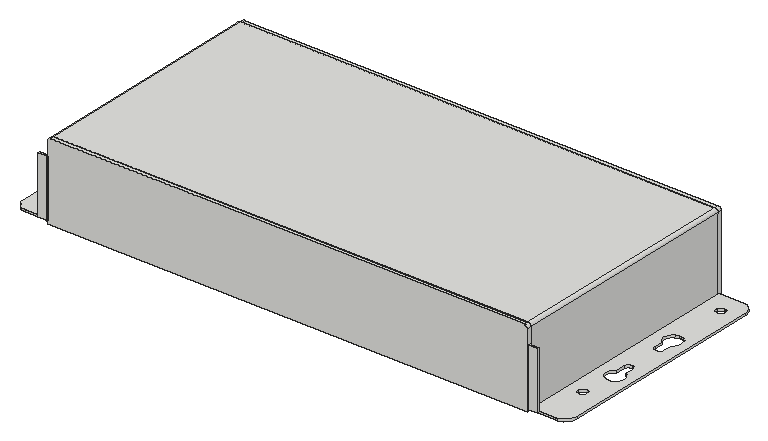
Revit family "Electronics_Expansion-Inputs_Biamp_Vocia_Paging-Station-Kit_PSKIT-1___", category Communication Devices, host Face, Revit 2020
Family settings
  Host = Face
  Maintain Annotation Orientation = No
  Round Connector Dimension = Use Diameter
  Part Type = Normal
  OmniClass Number = 23.85.10.11.14
  OmniClass Title = Audio Equipment
  Cut with Voids When Loaded = No
  Shared = No
  Room Calculation Point = No
Parameters (values of type "PSKIT-1")
  Width = 0' - 5 15/64"  # constant formula
  Weight = 2.30 lbf
  Voltage = 0 V
  URL = "https://www.biamp.com"
  Temperature Range = "32 - 113° F (0 – 45° C)"  # constant formula
  THD+N = "20Hz ~ 8kHz: <0.05%"  # constant formula
  System Headroom = "18dB"  # constant formula
  Sample Rate = "48kHz"  # constant formula
  Reference Output = "12V DC 100mA"  # constant formula
  RS-232 Stop Bits = "1"  # constant formula
  RS-232 Parity = "None"  # constant formula
  RS-232 Flow Control = "None"  # constant formula
  RS-232 Data Bits = "8"  # constant formula
  RS-232 Baud = "57600 bps"  # constant formula
  Product data url = "https://www.bimobject.com/biamp/product/vocia-pskit-1_expansion-input"
  Product Page URL = "https://www.biamp.com/products/product-families/vocia/vocia-expansion-inputs#vocia-pskit-1"
  Product Documentation Link = "https://downloads.biamp.com/assets/docs/default-source/data-sheets/biamp_data_sheet_vocia_pskit-1_oct18.pdf"
  Power Factor = 1
  Number of Poles = 1
  Nominal Input Level = "-50dBu"  # constant formula
  Network Connection = "RJ45 with shielded Ethernet (CAT5, CAT5e, CAT6, or CAT7)"  # constant formula
  Model = "Vocia PSKIT-1"  # constant formula
  Max Power Consumption = 0 W
  Manufacturer = "Biamp"  # constant formula
  Humidity = "0-95% relative humidity (non-condensing)"  # constant formula
  Housing Material = Biamp - Metal - Silver
  Height = 0' - 1 157/256"  # constant formula
  General Purpose Outputs Quantity = "3"  # constant formula
  General Purpose Outputs Max External Supply = "40V"  # constant formula
  General Purpose Outputs Max Continuous Current = "200mA"  # constant formula
  General Purpose Inputs Type = "Contact Closure / TTL"  # constant formula
  General Purpose Inputs TTL Logic Low = "0 – 0.8V"  # constant formula
  General Purpose Inputs TTL Logic High = "2-5V"  # constant formula
  General Purpose Inputs Quantity = "12"  # constant formula
  Gain = "Adjustable in 1dB steps over a 30dB range"  # constant formula
  Frequency Response = "100Hz ~ 20kHz: +0, -1dB"  # constant formula
  Effective Input Headroom = "30dB"  # constant formula
  Description = "Vocia® PSKIT-1 Paging Station Kit"  # constant formula
  Depth = 0' - 11 137/256"  # constant formula
  Default Elevation = 4' - 0"
  Connector Description = "PoE 802.3af Type 1 Class 2"  # constant formula
  Compliance = "FCC Part 15B (USA) CE marked (Europe) RCM (Australia) EAC (Eurasian Customs Union) RoHS Directive (Europe)"  # constant formula
  Assembly Code = ""
  Apparent Load = Max Power Consumption / Power Factor  # 0 VA
  Altitude = "0-10,000 ft (0-3000m) MSL"  # constant formula
  A/D Converters = "24-bit"  # constant formula
Reference planes (in)
  plane 1 "Center (Front/Back)": y = 0
  plane 2: z = 0
  plane 3 "Center (Left/Right)": x = 0
  plane 4: x = -5.76758
  plane 5: x = 5.76758
  plane 6: y = 2.61719
  plane 7: y = -2.61719
  plane 8: x = -4.99926
  plane 9: x = 4.99926
  plane 10 "1": y = 2.41016
  plane 11: y = 2.33142
  plane 12: y = -2.53845
  plane 13: z = 1.61328
  plane 14: z = 0
  plane 15: z = 0.03937
  plane 16: z = 1.61417
  plane 17: z = 1.33569
  plane 18: z = 0.79569
  plane 19: z = 0.69067
  plane 20: x = -4.99926
  plane 21: x = 4.99926
  plane 22 "3": y = 2.41108
  plane 23: x = 0.62418
  plane 24: x = -0.42582
  plane 25: x = -0.57582
  plane 26: x = -1.62582
  plane 27: x = -1.77582
  plane 28: x = -2.82582
  plane 29: x = -2.97582
  plane 30: x = -3.42582
  plane 31: x = -3.57581
  plane 32: x = -4.22584
  plane 33: x = -3.17582
  plane 34: x = 0.95918
  plane 35: x = 1.63918
  plane 36: x = 2.92418
  plane 37: x = 3.37418
  plane 38 "2": y = 2.61811
  plane 39 "4": y = 2.33234
  plane 40: y = 2.33234
  plane 41: y = -2.53937
  plane 42: z = 1.1811
Forms (in)
  Extrusion 1, solid, material "Biamp - Metal - Silver" <- "Housing Material", detail levels fine
    sketch origin (0, 2.41016, 0) x (1, 0, 0) y (0, 0, 1)
      loop
        arc (-4.91629, 1.61328) -> (-4.97496, 1.58898) -> (-4.99926, 1.53031) r 0.08297
        line (-4.99926, 1.53031) -> (-4.99926, 0) -> (4.99926, 0) -> (4.99926, 1.54635)
        arc (4.99926, 1.54635) -> (4.97966, 1.59368) -> (4.93233, 1.61328) r 0.06693
        line (4.93233, 1.61328) -> (-4.91629, 1.61328)
    from 0 to 0.07874
  Extrusion 2, solid, material "Biamp - Metal - Silver", detail levels fine
    sketch origin (-4.47042, 0, -0.00461) x (1, 0, 0) y (0, 0, 1)
      loop
        line (1.84546, 0.56689) -> (1.88046, 0.38087)
        arc (1.88046, 0.38087) -> (1.92592, 0.30368) -> (2.01018, 0.27329) r 0.13199
        line (2.01018, 0.27329) -> (2.46518, 0.27329)
        arc (2.46518, 0.27329) -> (2.54945, 0.30368) -> (2.5949, 0.38087) r 0.13199
        line (2.5949, 0.38087) -> (2.6299, 0.56689)
        arc (2.6299, 0.56689) -> (2.60178, 0.67556) -> (2.50018, 0.72329) r 0.132
        line (2.50018, 0.72329) -> (1.97518, 0.72329)
        arc (1.97518, 0.72329) -> (1.87358, 0.67556) -> (1.84546, 0.56689) r 0.132
    from -2.61719 to -2.41016
  Extrusion 3, void, detail levels fine
    sketch origin (0, 2.41108, 0) x (-1, 0, 0) y (0, 0, 1)
      loop
        line (-2.92418, 0.69067) -> (-3.37418, 0.69067) -> (-3.37418, 0.24068) -> (-2.92418, 0.24068) -> (-2.92418, 0.69067)
      loop
        line (-1.63918, 0.79569) -> (-1.63918, 0.24068) -> (-0.95918, 0.24068) -> (-0.95918, 0.79569) -> (-1.63918, 0.79569)
      loop
        line (-0.62418, 1.33569) -> (-0.62418, 0.88569) -> (0.42582, 0.88569) -> (0.42582, 1.33569) -> (-0.62418, 1.33569)
      loop
        line (1.62582, 1.33569) -> (0.57582, 1.33569) -> (0.57582, 0.88569) -> (1.62582, 0.88569) -> (1.62582, 1.33569)
      loop
        line (1.77582, 0.88569) -> (2.82582, 0.88569) -> (2.82582, 1.33569) -> (1.77582, 1.33569) -> (1.77582, 0.88569)
      loop
        line (3.42582, 0.88569) -> (3.42582, 1.33569) -> (2.97582, 1.33569) -> (2.97582, 0.88569) -> (3.42582, 0.88569)
      loop
        line (4.22584, 0.88569) -> (4.22584, 1.33569) -> (3.57581, 1.33569) -> (3.57581, 0.88569) -> (4.22584, 0.88569)
      loop
        line (4.22584, 0.24068) -> (4.22584, 0.73004) -> (3.17582, 0.73004) -> (3.17582, 0.24068) -> (4.22584, 0.24068)
      loop
        circle (0.89973, 0.44223) r 0.21654
      loop
        circle (0.39947, 0.44316) r 0.21654
      loop
        circle (-3.94925, 0.48986) r 0.16369
    from 0 to -0.07874
  Extrusion 4, solid, material "Biamp - Metal - Silver" <- "Housing Material", detail levels fine
    sketch origin (0, 0, 0) x (1, 0, 0) y (0, 1, 0)
      loop
        line (-5.03126, -2.58119) -> (-5.20326, -2.58119) -> (-5.20326, -2.61719) -> (-5.03126, -2.61719)
        arc (-5.03126, -2.61719) -> (-5.01477, -2.61516) -> (-4.99926, -2.60919) r 0.06799
        line (-4.99926, -2.60919) -> (-4.99926, -2.54978)
        arc (-4.99926, -2.54978) -> (-5.00884, -2.57203) -> (-5.03126, -2.58119) r 0.03201
    from 0.05418 to 1.25417
  Extrusion 5, solid, material "Biamp - Metal - Silver" <- "Housing Material", detail levels fine
    sketch origin (-0.00154, 0, 0) x (1, 0, 0) y (0, 1, 0)
      loop
        line (5.20473, -2.58119) -> (5.03273, -2.58119)
        arc (5.03273, -2.58119) -> (5.01014, -2.57185) -> (5.00074, -2.54928) r 0.032
        line (5.00074, -2.54928) -> (5.00074, -2.60921)
        arc (5.00074, -2.60921) -> (5.01625, -2.61516) -> (5.03273, -2.61719) r 0.06815
        line (5.03273, -2.61719) -> (5.20473, -2.61719) -> (5.20473, -2.58119)
    from 0.05418 to 1.25417
  Extrusion 6, solid, material "Biamp - Metal - Silver" <- "Housing Material", detail levels fine
    sketch origin (0, 0, 0) x (1, 0, 0) y (0, 0, 1)
      loop
        line (4.99926, 0) -> (4.99926, 1.54635)
        arc (4.99926, 1.54635) -> (4.97966, 1.59368) -> (4.93233, 1.61328) r 0.06693
        line (4.93233, 1.61328) -> (-4.93311, 1.61328)
        arc (-4.93311, 1.61328) -> (-4.97989, 1.5939) -> (-4.99926, 1.54713) r 0.06616
        line (-4.99926, 1.54713) -> (-4.99926, 0) -> (4.99926, 0)
    from -2.33142 to 2.53845
  Extrusion 7, solid, material "Biamp - Metal - Silver" <- "Housing Material", detail levels fine
    sketch origin (0, 0, 0) x (1, 0, 0) y (0, 0, 1)
      loop
        line (-4.99926, 1.54713) -> (-4.99926, 0) -> (4.99926, 0) -> (4.99926, 1.54635)
        arc (4.99926, 1.54635) -> (4.97966, 1.59368) -> (4.93233, 1.61328) r 0.06693
        line (4.93233, 1.61328) -> (-4.93311, 1.61328)
        arc (-4.93311, 1.61328) -> (-4.97989, 1.5939) -> (-4.99926, 1.54713) r 0.06616
    from 2.53845 to 2.61719
  Extrusion 8, solid, material "Biamp - Metal - Silver" <- "Housing Material", detail levels fine
    sketch origin (-0.00492, -0.00371, 0) x (1, 0, 0) y (0, 1, 0)
      loop
        line (-4.99434, 2.33512) -> (-5.51266, 2.33512)
        arc (-5.51266, 2.33512) -> (-5.68944, 2.2619) -> (-5.76266, 2.08512) r 0.25
        line (-5.76266, 2.08512) -> (-5.76266, -2.28474)
        arc (-5.76266, -2.28474) -> (-5.68944, -2.46152) -> (-5.51266, -2.53474) r 0.25
        line (-5.51266, -2.53474) -> (-4.99434, -2.53474) -> (-4.99434, 2.33512)
      loop
        circle (-5.31049, 1.43887) r 0.09303
      loop
        line (-5.48306, 0.4881) -> (-5.48306, 0.30734)
        arc (-5.48306, 0.30734) -> (-5.38906, 0.21334) -> (-5.29506, 0.30734) r 0.094
        line (-5.29506, 0.30734) -> (-5.29506, 0.4881)
        arc (-5.29506, 0.4881) -> (-5.38906, 0.83784) -> (-5.48306, 0.4881) r 0.1875
      loop
        line (-5.48306, -0.54604) -> (-5.48306, -0.72679)
        arc (-5.48306, -0.72679) -> (-5.38906, -1.07627) -> (-5.29506, -0.72679) r 0.18738
        line (-5.29506, -0.72679) -> (-5.29506, -0.54604)
        arc (-5.29506, -0.54604) -> (-5.38906, -0.45203) -> (-5.48306, -0.54604) r 0.094
      loop
        circle (-5.389, -2.09938) r 0.09449
    from 0 to 0.03937
  Extrusion 9, solid, material "Biamp - Metal - Silver" <- "Housing Material", detail levels fine
    sketch origin (0.02534, -0.20471, 0) x (-1, 0, 0) y (0, -1, 0)
      loop
        line (-4.97392, 2.33374) -> (-5.49224, 2.33374)
        arc (-5.49224, 2.33374) -> (-5.66901, 2.26052) -> (-5.74224, 2.08374) r 0.25
        line (-5.74224, 2.08374) -> (-5.74224, -2.28612)
        arc (-5.74224, -2.28612) -> (-5.66901, -2.4629) -> (-5.49224, -2.53612) r 0.25
        line (-5.49224, -2.53612) -> (-4.97392, -2.53612) -> (-4.97392, 2.33374)
      loop
        circle (-5.31049, 1.3995) r 0.09303
      loop
        line (-5.48306, 0.4881) -> (-5.48306, 0.30734)
        arc (-5.48306, 0.30734) -> (-5.38906, 0.21334) -> (-5.29506, 0.30734) r 0.094
        line (-5.29506, 0.30734) -> (-5.29506, 0.4881)
        arc (-5.29506, 0.4881) -> (-5.38906, 0.83784) -> (-5.48306, 0.4881) r 0.1875
      loop
        line (-5.48306, -0.50667) -> (-5.48306, -0.68742)
        arc (-5.48306, -0.68742) -> (-5.38906, -1.0369) -> (-5.29506, -0.68742) r 0.18738
        line (-5.29506, -0.68742) -> (-5.29506, -0.50667)
        arc (-5.29506, -0.50667) -> (-5.38906, -0.41266) -> (-5.48306, -0.50667) r 0.094
      loop
        circle (-5.389, -2.09938) r 0.09449
    from 0 to 0.03937
  Extrusion 10, solid, material "Biamp - Metal - Silver" <- "Housing Material", detail levels coarse+medium
    sketch origin (0, 0, 0) x (1, 0, 0) y (0, 0, 1)
      loop
        line (-5.76758, 0) -> (5.76758, 0) -> (5.76758, 0.03937) -> (4.99926, 0.03937) -> (4.99926, 1.61328) -> (-4.99926, 1.61328) -> (-4.99926, 0.03937) -> (-5.76758, 0.03937) -> (-5.76758, 0)
    from -2.41016 to 2.61719
Cuts and joins
  Extrusion 3 cuts Extrusion 1
Lines and regions (in)
  Masking region 1, detail levels fine
    outline origin (0, 0, 0) x (1, 0, 0) y (0, 1, 0)
      loop
        line (-5.76758, 2.08142) -> (-5.76758, -2.28845)
        arc (-5.76758, -2.28845) -> (-5.69435, -2.46522) -> (-5.51758, -2.53845) r 0.25
        line (-5.51758, -2.53845) -> (-5.00111, -2.53845)
        arc (-5.00111, -2.53845) -> (-5.00511, -2.56763) -> (-5.03126, -2.58119) r 0.03201
        line (-5.03126, -2.58119) -> (-5.20326, -2.58119) -> (-5.20326, -2.61719) -> (-5.05061, -2.61719) -> (5.04061, -2.61719) -> (5.20326, -2.61719) -> (5.20326, -2.58119) -> (5.03126, -2.58119)
        arc (5.03126, -2.58119) -> (5.00511, -2.56763) -> (5.00111, -2.53845) r 0.03201
        line (5.00111, -2.53845) -> (5.51758, -2.53845)
        arc (5.51758, -2.53845) -> (5.69435, -2.46522) -> (5.76758, -2.28845) r 0.25
        line (5.76758, -2.28845) -> (5.76758, 2.08142)
        arc (5.76758, 2.08142) -> (5.69435, 2.25819) -> (5.51758, 2.33142) r 0.25
        line (5.51758, 2.33142) -> (4.99926, 2.33142) -> (4.99926, 2.41016) -> (-1.83824, 2.41016) -> (-1.83824, 2.61719) -> (-2.62723, 2.61719) -> (-2.62723, 2.41016) -> (-4.99926, 2.41016) -> (-4.99926, 2.33142) -> (-5.51758, 2.33142)
        arc (-5.51758, 2.33142) -> (-5.69435, 2.25819) -> (-5.76758, 2.08142) r 0.25
  Masking region 2, detail levels coarse+medium
    outline origin (0, 0, 0) x (1, 0, 0) y (0, 1, 0)
      loop
        line (-5.76758, 2.41016) -> (-5.76758, -2.61719) -> (5.76758, -2.61719) -> (5.76758, 2.41016) -> (-5.76758, 2.41016)
  symbolic lines, detail levels fine
    curve 1: line (-4.99926, 2.41016, 0) -> (-4.99926, 2.33142, 0)
    curve 2: line (4.99926, 2.41016, 0) -> (-4.99926, 2.41016, 0)
    curve 3: line (4.99926, 2.33142, 0) -> (4.99926, 2.41016, 0)
    curve 4: arc (-5.4884, -2.10308, 0) -> (-5.39391, -2.0086, 0) -> (-5.29942, -2.10308, 0) r 0.09449
    curve 5: arc (-5.29942, -2.10308, 0) -> (-5.39391, -2.19757, 0) -> (-5.4884, -2.10308, 0) r 0.09449
    curve 6: arc (-5.29997, -0.7305, 0) -> (-5.39397, -1.07997, 0) -> (-5.48797, -0.7305, 0) r 0.18738
    curve 7: line (-5.29997, -0.54974, 0) -> (-5.29997, -0.7305, 0)
    curve 8: line (-5.48797, -0.7305, 0) -> (-5.48797, -0.54974, 0)
    curve 9: arc (-5.48797, -0.54974, 0) -> (-5.39397, -0.45574, 0) -> (-5.29997, -0.54974, 0) r 0.094
    curve 10: line (-5.29997, 0.48439, 0) -> (-5.29997, 0.30363, 0)
    curve 11: arc (-5.29997, 0.30363, 0) -> (-5.39397, 0.20963, 0) -> (-5.48797, 0.30363, 0) r 0.094
    curve 12: line (-5.48797, 0.30363, 0) -> (-5.48797, 0.48439, 0)
    curve 13: arc (-5.48797, 0.48439, 0) -> (-5.39397, 0.83414, 0) -> (-5.29997, 0.48439, 0) r 0.1875
    curve 14: arc (-5.22237, 1.43517, 0) -> (-5.3154, 1.34213, 0) -> (-5.40844, 1.43517, 0) r 0.09303
    curve 15: arc (-5.40844, 1.43517, 0) -> (-5.3154, 1.5282, 0) -> (-5.22237, 1.43517, 0) r 0.09303
    curve 16: arc (5.50882, 1.89467, 0) -> (5.41434, 1.80018, 0) -> (5.31985, 1.89467, 0) r 0.09449
    curve 17: arc (5.31985, 1.89467, 0) -> (5.41434, 1.98915, 0) -> (5.50882, 1.89467, 0) r 0.09449
    curve 18: arc (5.32053, 0.48272, 0) -> (5.41454, 0.83219, 0) -> (5.50854, 0.48272, 0) r 0.18738
    curve 19: line (5.50854, 0.48272, 0) -> (5.50854, 0.30196, 0)
    curve 20: line (5.32053, 0.30196, 0) -> (5.32053, 0.48272, 0)
    curve 21: arc (5.50854, 0.30196, 0) -> (5.41454, 0.20796, 0) -> (5.32053, 0.30196, 0) r 0.094
    curve 22: arc (5.32053, -0.5505, 0) -> (5.41454, -0.4565, 0) -> (5.50854, -0.5505, 0) r 0.094
    curve 23: line (5.50854, -0.5505, 0) -> (5.50854, -0.73126, 0)
    curve 24: line (5.32053, -0.73126, 0) -> (5.32053, -0.5505, 0)
    curve 25: arc (5.50854, -0.73126, 0) -> (5.41454, -1.081, 0) -> (5.32053, -0.73126, 0) r 0.1875
    curve 26: arc (5.2428, -1.60421, 0) -> (5.33583, -1.51118, 0) -> (5.42886, -1.60421, 0) r 0.09303
    curve 27: arc (5.42886, -1.60421, 0) -> (5.33583, -1.69724, 0) -> (5.2428, -1.60421, 0) r 0.09303
    curve 28: line (4.99926, 2.33142, 0) -> (-4.99926, 2.33142, 0)
    curve 29: line (-4.99926, -2.53845, 0) -> (4.99926, -2.53845, 0)
    curve 30: line (4.99926, 2.33142, 0) -> (4.99926, -2.61719, 0)
    curve 31: line (-4.99926, 2.41016, 0) -> (-4.99926, -2.61719, 0)
  symbolic lines, detail levels coarse+medium
    curve 32: line (4.99926, 2.41016, 0) -> (4.99926, -2.61719, 0)
    curve 33: line (-4.99926, 2.41016, 0) -> (-4.99926, -2.61719, 0)
Dimensions and locks (in)
  equal spacing: plane 4, plane 3 "Center (Left/Right)", plane 5
  "Depth": plane 4 to plane 5
  equal spacing: plane 6, plane 1 "Center (Front/Back)", plane 7
  "Width": plane 6 to plane 7
  equal spacing: plane 8, plane 3 "Center (Left/Right)", plane 9
  plane 14 to level = 0' - 0"
  "Height": plane 13 to plane 14
  locked: plane 11 to plane 10 "1" at 0.07874
  locked: plane 12 to plane 7 at 0.07874
  locked: plane 15 to plane 14 at 0.03937
  locked: plane 10 "1" to plane 6 at 0.20703
  plane 14 to plane 16 = 0' - 1.61417"
  plane 17 to plane 16 = 0' - 0.27849"
  plane 18 to plane 16 = 0' - 0.81849"
  plane 19 to plane 16 = 0' - 0.9235"
  plane 21 to plane 20 = 0' - 9.99852"
  equal spacing: plane 21, plane 3 "Center (Left/Right)", plane 20
  plane 20 to plane 32 to plane 31 to plane 30 to plane 29 to plane 28 to plane 27 to plane 26 to plane 25 to plane 24 to plane 23 to plane 34 to plane 35 to plane 36 to plane 37 = 0' - 0 99/128", 0' - 0.65002", 0' - 0.14999", 0' - 0.45001", 0' - 0.15", 0' - 1.05", 0' - 0.15", 0' - 1.05", 0' - 0.15", 0' - 1.05", 0' - 0.335", 0' - 0.68", 0' - 1.285", 0' - 0.45"
  locked: plane 40 to plane 41 at 4.87171
  plane 42 to level = 0' - 1.1811"
  radius of Extrusion 6 sketch curve = 0' - 0.06693"
  radius of Extrusion 6 sketch curve = 0' - 0.06616"
  radius of Extrusion 1 sketch curve = 0' - 0.06693"
  radius of Extrusion 1 sketch curve = 0' - 0.08297"
  aligned and locked: plane 2 to host face
  aligned and locked: level to host face
  aligned and locked: plane 6 to Extrusion 2
  aligned and locked: plane 10 "1" to Extrusion 2
  aligned and locked: plane 11 to Extrusion 6
  aligned and locked: plane 12 to Extrusion 6
  aligned and locked: Extrusion 7 to plane 7
  aligned and locked: Extrusion 7 to plane 12
  aligned and locked: plane 17 to Extrusion 3 sketch curve  (x5)
  aligned and locked: plane 20 to cut or joined group of Extrusion 1, Extrusion 3
  aligned and locked: plane 21 to cut or joined group of Extrusion 1, Extrusion 3
  aligned and locked: plane 21 to Extrusion 1 sketch curve
  aligned and locked: Extrusion 3 sketch curve to plane 32
  aligned and locked: Extrusion 3 sketch curve to plane 33
  aligned and locked: plane 31 to Extrusion 3 sketch curve
  aligned and locked: plane 30 to Extrusion 3 sketch curve
  aligned and locked: plane 29 to Extrusion 3 sketch curve
  aligned and locked: plane 28 to Extrusion 3 sketch curve
  aligned and locked: plane 27 to Extrusion 3 sketch curve
  aligned and locked: plane 26 to Extrusion 3 sketch curve
  aligned and locked: plane 25 to Extrusion 3 sketch curve
  aligned and locked: Extrusion 3 sketch curve to plane 24
  aligned and locked: Extrusion 3 sketch curve to plane 23
  aligned and locked: plane 36 to Extrusion 3 sketch curve
  aligned and locked: Extrusion 3 sketch curve to plane 37
  aligned and locked: plane 35 to Extrusion 3 sketch curve
  aligned and locked: plane 34 to Extrusion 3 sketch curve
  aligned and locked: Extrusion 3 to plane 22 "3"
  aligned and locked: Extrusion 3 to plane 39 "4"
Automatic sketch dimensions
  host sketch curve to host sketch curve = 8' - 0"  (x2)
  Extrusion 1 sketch curve to level = 0' - 0"
  Extrusion 1 sketch curve to plane 8 = 0' - 0"
  Extrusion 1 sketch curve to plane 13 = 0' - 0"
  Extrusion 2 sketch curve to Extrusion 2 sketch curve = 0' - 0.455"
  Extrusion 2 sketch curve to Extrusion 2 sketch curve = 0' - 0.035"  (x2)
  Extrusion 2 sketch curve to plane 15 = 0' - 0.33689"
  Extrusion 2 sketch curve to Extrusion 2 sketch curve = 0' - 0.12972"  (x4)
  level to Extrusion 2 sketch curve = 0' - 0.26867"
  Extrusion 2 sketch curve to Extrusion 2 sketch curve = 0' - 0.10759"
  Extrusion 2 sketch curve to Extrusion 2 sketch curve = 0' - 0.18602"  (x2)
  Extrusion 2 sketch curve to Extrusion 2 sketch curve = 0' - 0.02441"
  plane 32 to Extrusion 3 sketch curve = 0' - 0"
  Extrusion 3 sketch curve to plane 19 = 0' - 0"
  Extrusion 3 sketch curve to plane 18 = 0' - 0"
  plane 19 to Extrusion 3 sketch curve = 0' - 0.20081"
  Extrusion 3 sketch curve to plane 37 = 0' - 0.57507"
  plane 24 to Extrusion 3 sketch curve = 0' - 0.02635"
  Extrusion 3 sketch curve to plane 25 = 0' - 0.32391"
  plane 19 to Extrusion 3 sketch curve = 0' - 0.24751"
  plane 19 to Extrusion 3 sketch curve = 0' - 0.24844"
  Extrusion 3 sketch curve to plane 15 = 0' - 0.20131"  (x3)
  Extrusion 3 sketch curve to plane 19 = 0' - 0.03937"
  plane 18 to Extrusion 3 sketch curve = 0' - 0.09001"  (x5)
  Extrusion 4 sketch curve to plane 7 = 0' - 0"
  Extrusion 4 sketch curve to plane 8 = 0' - 0"
  plane 12 to Extrusion 4 sketch curve = 0' - 0.01073"
  Extrusion 4 sketch curve to plane 8 = 0' - 0.032"
  Extrusion 4 sketch curve to Extrusion 4 sketch curve = 0' - 0"
  Extrusion 4 sketch curve to Extrusion 4 sketch curve = 0' - 0.172"
  plane 7 to Extrusion 4 sketch curve = 0' - 0.008"
  Extrusion 4 sketch curve to Extrusion 4 sketch curve = 0' - 0.036"
  Extrusion 5 sketch curve to plane 7 = 0' - 0"
  plane 9 to Extrusion 5 sketch curve = 0' - 0.00006"
  plane 12 to Extrusion 5 sketch curve = 0' - 0.01075"
  Extrusion 5 sketch curve to plane 9 = 0' - 0.03193"  (x2)
  Extrusion 5 sketch curve to Extrusion 5 sketch curve = 0' - 0.172"
  plane 7 to Extrusion 5 sketch curve = 0' - 0.00798"
  Extrusion 5 sketch curve to Extrusion 5 sketch curve = 0' - 0.036"
  Extrusion 6 sketch curve to level = 0' - 0"
  Extrusion 6 sketch curve to plane 8 = 0' - 0"
  Extrusion 6 sketch curve to plane 13 = 0' - 0"
  plane 9 to Extrusion 6 sketch curve = 0' - 0"
  Extrusion 7 sketch curve to plane 8 = 0' - 0"
  Extrusion 7 sketch curve to plane 13 = 0' - 0"
  Extrusion 7 sketch curve to level = 0' - 0"
  plane 9 to Extrusion 7 sketch curve = 0' - 0"
  Extrusion 7 sketch curve to Extrusion 7 sketch curve = 0' - 0.06616"
  plane 9 to Extrusion 7 sketch curve = 0' - 0.06693"
  Extrusion 8 sketch curve to plane 4 = 0' - 0"
  Extrusion 8 sketch curve to plane 11 = 0' - 0"
  plane 12 to Extrusion 8 sketch curve = 0' - 0"
  Extrusion 8 sketch curve to plane 8 = 0' - 0"
  plane 4 to Extrusion 8 sketch curve = 0' - 0 1/4"  (x2)
  plane 4 to Extrusion 8 sketch curve = 0' - 0.2796"  (x2)
  Extrusion 8 sketch curve to Extrusion 8 sketch curve = 0' - 0.094"  (x4)
  Extrusion 8 sketch curve to Extrusion 8 sketch curve = 0' - 0.12367"
  Extrusion 8 sketch curve to plane 8 = 0' - 0.31614"
  Extrusion 8 sketch curve to Extrusion 8 sketch curve = 0' - 0.18536"
  Extrusion 8 sketch curve to Extrusion 8 sketch curve = 0' - 0.16209"
  Extrusion 8 sketch curve to Extrusion 8 sketch curve = 0' - 0.18076"  (x2)
  Extrusion 8 sketch curve to plane 1 "Center (Front/Back)" = 0' - 0.30363"
  Extrusion 8 sketch curve to Extrusion 8 sketch curve = 0' - 0.16224"
  Extrusion 8 sketch curve to Extrusion 8 sketch curve = 0' - 0.09449"
  Extrusion 8 sketch curve to Extrusion 8 sketch curve = 0' - 0.09303"
  Extrusion 9 sketch curve to plane 5 = 0' - 0"
  plane 12 to Extrusion 9 sketch curve = 0' - 0"
  Extrusion 9 sketch curve to plane 11 = 0' - 0"
  Extrusion 9 sketch curve to plane 9 = 0' - 0"
  plane 5 to Extrusion 9 sketch curve = 0' - 0 1/4"  (x2)
  plane 5 to Extrusion 9 sketch curve = 0' - 0.25918"  (x2)
  Extrusion 9 sketch curve to Extrusion 9 sketch curve = 0' - 0.094"  (x4)
  Extrusion 9 sketch curve to Extrusion 9 sketch curve = 0' - 0.10324"
  Extrusion 9 sketch curve to plane 9 = 0' - 0.33657"
  Extrusion 9 sketch curve to Extrusion 9 sketch curve = 0' - 0.18675"
  Extrusion 9 sketch curve to plane 1 "Center (Front/Back)" = 0' - 0.64481"
  Extrusion 9 sketch curve to Extrusion 9 sketch curve = 0' - 0.16209"
  Extrusion 9 sketch curve to Extrusion 9 sketch curve = 0' - 0.18076"  (x2)
  plane 1 "Center (Front/Back)" to Extrusion 9 sketch curve = 0' - 0.51205"
  Extrusion 9 sketch curve to Extrusion 9 sketch curve = 0' - 0.16224"
  Extrusion 9 sketch curve to Extrusion 9 sketch curve = 0' - 0.09449"
  Extrusion 9 sketch curve to Extrusion 9 sketch curve = 0' - 0.09303"
  plane 8 to Extrusion 2 sketch curve = 0' - 2.3743"
  plane 1 "Center (Front/Back)" to Extrusion 8 sketch curve = 0' - 0.8926"
  Extrusion 9 sketch curve to Extrusion 9 sketch curve = 0' - 0"
  Extrusion 9 sketch curve to Extrusion 9 sketch curve = 0' - 0.68423"
  Extrusion 8 sketch curve to Extrusion 8 sketch curve = 0' - 0"
  Extrusion 8 sketch curve to Extrusion 8 sketch curve = 0' - 0.64625"
  Masking region 1 sketch curve to plane 4 = 0' - 0"
  plane 12 to Masking region 1 sketch curve = 0' - 0"  (x2)
  Masking region 1 sketch curve to plane 11 = 0' - 0"  (x2)
  Masking region 1 sketch curve to plane 8 = 0' - 0.00185"
  Masking region 1 sketch curve to plane 8 = 0' - 0"
  Masking region 1 sketch curve to plane 6 = 0' - 0"
  plane 10 "1" to Masking region 1 sketch curve = 0' - 0"  (x2)
  Masking region 1 sketch curve to plane 9 = 0' - 0"
  Masking region 1 sketch curve to plane 9 = 0' - 0.00185"
  Masking region 1 sketch curve to plane 5 = 0' - 0"
  plane 4 to Masking region 1 sketch curve = 0' - 0 1/4"  (x2)
  Masking region 1 sketch curve to plane 8 = 0' - 0.204"
  Masking region 1 sketch curve to plane 8 = 0' - 0.032"
  plane 8 to Masking region 1 sketch curve = 0' - 2.37203"
  Masking region 1 sketch curve to Masking region 1 sketch curve = 0' - 0.789"
  Masking region 1 sketch curve to plane 9 = 0' - 0.04135"
  Masking region 1 sketch curve to Masking region 1 sketch curve = 0' - 0.172"
  plane 5 to Masking region 1 sketch curve = 0' - 0 1/4"  (x2)
  Masking region 1 sketch curve to plane 7 = 0' - 0"
  Masking region 1 sketch curve to plane 8 = 0' - 0.05135"
  Masking region 1 sketch curve to Masking region 1 sketch curve = 0' - 0.036"
  Masking region 1 sketch curve to plane 9 = 0' - 0.032"
  Masking region 1 sketch curve to Masking region 1 sketch curve = 0' - 0.03201"
  Masking region 2 sketch curve to plane 4 = 0' - 0"
  Masking region 2 sketch curve to plane 7 = 0' - 0"
  Masking region 2 sketch curve to plane 6 = 0' - 0 53/256"
  Masking region 2 sketch curve to plane 5 = 0' - 0"
  Extrusion 10 sketch curve to plane 4 = 0' - 0"
  Extrusion 10 sketch curve to plane 8 = 0' - 0"
  plane 9 to Extrusion 10 sketch curve = 0' - 0"
  Extrusion 10 sketch curve to level = 0' - 0"
  plane 5 to Extrusion 10 sketch curve = 0' - 0"
  Extrusion 10 sketch curve to plane 15 = 0' - 0"  (x2)
  Extrusion 10 sketch curve to plane 13 = 0' - 0"
  curve 31 to plane 8 = 0' - 0"
  curve 3 to plane 9 = 0' - 0"
  curve 32 to plane 7 = 0' - 0"
  curve 33 to plane 7 = 0' - 0"
  plane 12 to curve 29 = 0' - 0"
  curve 28 to plane 11 = 0' - 0"
  plane 10 "1" to curve 31 = 0' - 0"
  curve 7 to plane 8 = 0' - 0.30071"
  curve 10 to plane 8 = 0' - 0.30071"
  curve 14 to plane 8 = 0' - 0.31614"
  plane 4 to curve 4 = 0' - 0.37367"
  curve 11 to curve 10 = 0' - 0.094"
  curve 12 to curve 13 = 0' - 0.094"
  curve 6 to curve 6 = 0' - 0.094"
  curve 9 to curve 7 = 0' - 0.094"
  curve 20 to plane 9 = 0' - 0.32127"
  curve 24 to plane 9 = 0' - 0.32127"
  curve 26 to plane 9 = 0' - 0.33657"
  plane 5 to curve 16 = 0' - 0.35324"
  curve 18 to curve 18 = 0' - 0.094"
  curve 22 to curve 22 = 0' - 0.094"
  curve 21 to curve 21 = 0' - 0.094"
  curve 24 to curve 25 = 0' - 0.094"
  curve 4 to plane 12 = 0' - 0.43536"
  curve 27 to plane 12 = 0' - 0.93423"
  curve 27 to curve 25 = 0' - 0.71072"
  plane 1 "Center (Front/Back)" to curve 6 = 0' - 0.8926"
  curve 25 to curve 23 = 0' - 0.16224"
  curve 6 to curve 7 = 0' - 0.16209"
  curve 25 to curve 22 = 0' - 0.18076"
  curve 6 to curve 7 = 0' - 0.18076"
  curve 19 to plane 1 "Center (Front/Back)" = 0' - 0.30196"
  curve 11 to plane 1 "Center (Front/Back)" = 0' - 0.30363"
  curve 20 to curve 20 = 0' - 0.18076"
  curve 10 to curve 10 = 0' - 0.18076"
  curve 19 to curve 18 = 0' - 0.16209"
  curve 12 to curve 13 = 0' - 0.16224"
  curve 13 to curve 14 = 0' - 0.78853"
  curve 17 to plane 11 = 0' - 0.43675"
  curve 14 to curve 15 = 0' - 0.09303"
  curve 4 to curve 5 = 0' - 0.09449"
  curve 26 to curve 26 = 0' - 0.09303"
  curve 17 to curve 16 = 0' - 0.09449"
  radius of Extrusion 3 sketch curve = 0' - 0.21654"  (x2)
  radius of Extrusion 3 sketch curve = 0' - 0.16369"
Connectors (in)
  electrical at (3.94925, 2.41016, 0.48986)
    settings: on cut or joined group of Extrusion 1, Extrusion 3, index 9, voltage 0 V, apparent load 0 VA, apparent load phase1 0 VA, apparent load phase2 0 VA, apparent load phase3 0 VA, power factor 1, load classification "Other", number of poles 1, system type 5, power factor state 1, is connector primary no, connector utility no, sub classification motor no, connector description "GND"
  electrical at (3.14918, 2.41016, 0.46567), driven by "Power Factor", driven by "Apparent Load", driven by "Voltage", driven by "Number of Poles"
    settings: on cut or joined group of Extrusion 1, Extrusion 3, index 10, voltage 0 V, apparent load 0 VA, apparent load phase1 0 VA, apparent load phase2 0 VA, apparent load phase3 0 VA, power factor 1, load classification "Other", number of poles 1, system type 30, power factor state 1, is connector primary no, connector utility no, sub classification motor no, connector description "24V DC 6W"
  electrical at (1.29918, 2.41016, 0.51818), driven by "Connector Description", driven by "Power Factor", driven by "Apparent Load", driven by "Voltage", driven by "Number of Poles"
    settings: on cut or joined group of Extrusion 1, Extrusion 3, index 11, voltage 0 V, apparent load 0 VA, apparent load phase1 0 VA, apparent load phase2 0 VA, apparent load phase3 0 VA, power factor 1, load classification "Other", number of poles 1, system type 31, power factor state 1, is connector primary yes, connector utility no, sub classification motor no, connector description "PoE 802.3af Type 1 Class 2"
  electrical at (0.09918, 2.41016, 1.11069)
    settings: on cut or joined group of Extrusion 1, Extrusion 3, index 12, voltage 0 V, apparent load 0 VA, apparent load phase1 0 VA, apparent load phase2 0 VA, apparent load phase3 0 VA, power factor 1, load classification "Other", number of poles 1, system type 5, power factor state 1, is connector primary no, connector utility no, sub classification motor no, connector description "General Purpose Inputs (x4)"
  electrical at (-1.10082, 2.41016, 1.11069)
    settings: on cut or joined group of Extrusion 1, Extrusion 3, index 13, voltage 0 V, apparent load 0 VA, apparent load phase1 0 VA, apparent load phase2 0 VA, apparent load phase3 0 VA, power factor 1, load classification "Other", number of poles 1, system type 5, power factor state 1, is connector primary no, connector utility no, sub classification motor no, connector description "General Purpose Inputs (x4)"
  electrical at (-2.30082, 2.41016, 1.11069)
    settings: on cut or joined group of Extrusion 1, Extrusion 3, index 14, voltage 0 V, apparent load 0 VA, apparent load phase1 0 VA, apparent load phase2 0 VA, apparent load phase3 0 VA, power factor 1, load classification "Other", number of poles 1, system type 5, power factor state 1, is connector primary no, connector utility no, sub classification motor no, connector description "General Purpose Inputs (x4)"
  electrical at (-3.20082, 2.41016, 1.11069)
    settings: on cut or joined group of Extrusion 1, Extrusion 3, index 15, voltage 0 V, apparent load 0 VA, apparent load phase1 0 VA, apparent load phase2 0 VA, apparent load phase3 0 VA, power factor 1, load classification "Other", number of poles 1, system type 5, power factor state 1, is connector primary no, connector utility no, sub classification motor no, connector description "PTT"
  electrical at (-3.90082, 2.41016, 1.11069)
    settings: on cut or joined group of Extrusion 1, Extrusion 3, index 16, voltage 0 V, apparent load 0 VA, apparent load phase1 0 VA, apparent load phase2 0 VA, apparent load phase3 0 VA, power factor 1, load classification "Other", number of poles 1, system type 5, power factor state 1, is connector primary no, connector utility no, sub classification motor no, connector description "Microphone"
  electrical at (-3.70083, 2.41016, 0.48536)
    settings: on cut or joined group of Extrusion 1, Extrusion 3, index 17, voltage 0 V, apparent load 0 VA, apparent load phase1 0 VA, apparent load phase2 0 VA, apparent load phase3 0 VA, power factor 1, load classification "Other", number of poles 1, system type 5, power factor state 1, is connector primary no, connector utility no, sub classification motor no, connector description "General Purpose Outputs (x3)"
  electrical at (-2.23274, 2.61719, 0.48147)
    settings: on Extrusion 2, index 18, voltage 0 V, apparent load 0 VA, apparent load phase1 0 VA, apparent load phase2 0 VA, apparent load phase3 0 VA, power factor 1, load classification "Other", number of poles 1, system type 5, power factor state 1, is connector primary no, connector utility no, sub classification motor no, connector description "RS-232"
